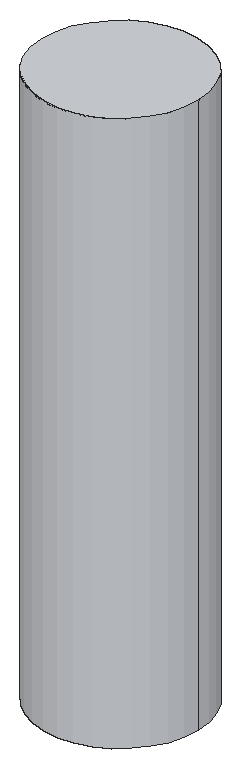
Revit family "M_Sprinkler - Seco - Suporte em pé", category Sprinklers, Revit 2019
Family settings
  Manter orientação da anotação = Sim
  Cota do conector redondo = Usar raio
  Tipo de parte = Normal
  Número OmniClass = 23.65.70.17.11.24
  Título OmniClass = Fire Fighting Sprinkler Heads
  ID de item do Seek = Sprinkler - Dry - Upright-0000-CAN-ENU
  Com base no plano de trabalho = Não
  Sempre na vertical = Sim
  Corte com vazios quando carregada = Não
  Compartilhado = Não
  Ponto de cálculo do ambiente = Não
Parameters (values of type "Suporte em pé de 15 mm")
  Classificação de temperatura = 57 °C
  Símbolo [instance] = M_Sprinkler - Símbolo - Suporte em pé : Sprinkler - Símbolo - Suporte em pé
  Resposta = Padrão
  Queda de pressão [instance] = 48300.0 Pa
  Classe de pressão = Padrão
  Comprimento total = 60 mm
  Tamanho do orifício = 13 mm
  Orifício = Padrão
  Fator-K = 5.6
  Fluxo [instance] = 2.0 L/s
  Diâmetro = Raio nominal * 2  # 15 mm
  Cobertura = Padrão
  Diâmetro nominal = Raio nominal * 2  # 15 mm
  Raio nominal = 7.5 mm
  CEL = 6 mm
  Assembly Code = ""
Types (8, lengths in mm): name | Símbolo | Queda de pressão | Comprimento total | Tamanho do orifício | Fator-K | Fluxo | Diâmetro | Diâmetro nominal | Raio nominal | CEL
  Suporte em pé de 15 mm | M_Sprinkler - Símbolo - Suporte em pé : Sprinkler - Símbolo - Suporte em pé | 48300.0 Pa | 60 | 13 | 5.6 | 2.0 L/s | 15 | 15 | 7.5 | 6
  Suporte em pé na mola de 15 mm | M_Sprinkler - Símbolo - Suporte em pé na mola : Sprinkler - Símbolo - Suporte em pé na mola | 48300.0 Pa | 60 | 13 | 5.6 | 2.0 L/s | 15 | 15 | 7.5 | 6
  Suporte em pé na mola de 15 mm com protetor | M_Sprinkler - Símbolo - Suporte em pé na mola com protetor : Sprinkler - Símbolo - Suporte em pé na mola com protetor | 48300.0 Pa | 60 | 13 | 5.6 | 2.0 L/s | 15 | 15 | 7.5 | 6
  Suporte em pé de 15 mm com protetor | M_Sprinkler - Símbolo - Suporte em pé com protetor : Sprinkler - Símbolo - Suporte em pé com protetor | 48300.0 Pa | 60 | 13 | 5.6 | 2.0 L/s | 15 | 15 | 7.5 | 6
  Suporte em pé de 20 mm | M_Sprinkler - Símbolo - Suporte em pé : Sprinkler - Símbolo - Suporte em pé | 96500.0 Pa | 64 | 14 | 8 | 3.0 L/s | 20 | 20 | 10 | 10
  Suporte em pé na mola de 20 mm | M_Sprinkler - Símbolo - Suporte em pé na mola : Sprinkler - Símbolo - Suporte em pé na mola | 96500.0 Pa | 64 | 14 | 8 | 3.0 L/s | 20 | 20 | 10 | 10
  Suporte em pé na mola de 20 mm com protetor | M_Sprinkler - Símbolo - Suporte em pé na mola com protetor : Sprinkler - Símbolo - Suporte em pé na mola com protetor | 96500.0 Pa | 64 | 14 | 8 | 3.0 L/s | 20 | 20 | 10 | 10
  Suporte em pé de 20 mm com protetor | M_Sprinkler - Símbolo - Suporte em pé com protetor : Sprinkler - Símbolo - Suporte em pé com protetor | 96500.0 Pa | 64 | 14 | 8 | 3.0 L/s | 20 | 20 | 10 | 10
Reference planes
  plane 1 "Centro (Frente/Trás)": y = 0
  plane 2: z = 0
  plane 3 "Centro (Esquerda/Direita)": x = 0
  plane 4: z = 54
  plane 5: z = -6
Forms (mm)
  Extrusion 1, solid
    sketch origin (0, 0, 0) x (1, 0, 0) y (0, 1, 0)
      loop
        circle (0, 0) r 7.5
    from 0 to 54
Dimensions and locks
  "Comprimento total": plane 4 to plane 5
  "CEL": level to plane 5
  "Raio nominal": radius of Extrusion 1 sketch curve
  aligned and locked: plane 4 to Extrusion 1
  aligned and locked: Extrusion 1 to level
  aligned and locked: plane 3 "Centro (Esquerda/Direita)" to Extrusion 1 sketch curve
  aligned and locked: plane 1 "Centro (Frente/Trás)" to Extrusion 1 sketch curve
  aligned and locked: plane 3 "Centro (Esquerda/Direita)" to nested 1
  aligned and locked: plane 1 "Centro (Frente/Trás)" to nested 1
Nested families
  nested 1: "M_Sprinkler - Símbolo - Suporte em pé" at (0, 0, 0), type <- "Símbolo", type "Sprinkler - Símbolo - Suporte em pé"
Connectors
  piping at (0, 0, 0), diameter 15, driven by "Raio nominal", driven by "Fluxo", driven by "Queda de pressão"
    settings: on Extrusion 1, index 1, connector inside diameter 15 mm, connector length 0 mm, flow factor 0, pipe flow 2.0 L/s, pressure drop 48300.0 Pa, fitting loss kfactor 0, connector angle 0.00°, fixture units 0, engagement length 0 mm, angle of deflection 0.00°, flow configuration 1, flow direction 1, fitting loss method 4, system type 24, joint type 0, gender type 0, connector reference index -1, connector utility 0, adjustable connector no, is connector primary yes, connector description "In"
Definition of nested family "M_Sprinkler - Símbolo - Suporte em pé"
  Parameters
    Raio do símbolo = 0.5 * Diâmetro do símbolo  # 1 mm
    Diâmetro do símbolo = 2 mm
  Reference planes
    plane 1: y = 0
    plane 2: x = 0
  Lines and regions (mm)
    detail lines
      curve 1: circle (0, 0, 0) r 1 normal (0, 0, 1)
  Dimensions and locks
    "Raio do símbolo": radius of curve 1
  Automatic sketch dimensions
    curve 1 to plane 1 = 0 mm
    curve 1 to plane 2 = 0 mm
